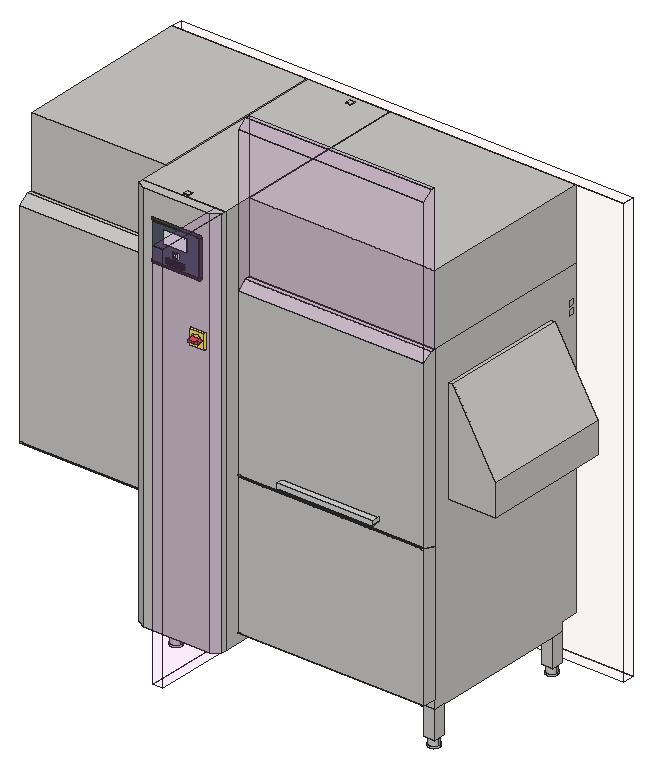
Revit family "QF_ELECTROLUX PROFESSIONAL_CC0ECF_ESR10E6D", category Attrezzature speciali, Revit 2020
Family settings
  Quota connettore circolare = Usa diametro
  Tipo di parte = Normale
  Basato su piano di lavoro = No
  Sempre verticale = Sì
  Taglio con vuoti quando caricato = No
  Condiviso = No
  Punto di calcolo locali = No
Parameters
  Weight = 0.00 kg
  URL Manufacturer = "http://professional.electrolux.com/"
  URL = "http://professional.electrolux.com/"
  Show Logo [instance] = yes
  Show Clearance [instance] = yes
  Prospetto di default = 0 mm
  Produttore = "Zanussi"
  Modello = "ZPPWSLG"
  Length Actual = 1880 mm
  Item Number = "506057"
  Height Actual = 1785 mm
  Descrizione = "STEAM ELEC.POT&PAN WASH+D.PUMP+DET1550MM"
  Depth Actual = 920 mm
  Accessory = yes
Reference planes
  plane 1 "Center (Front/Back)": y = 50
  plane 2: z = 0
  plane 3 "LEFT": x = -776
  plane 4 "RIGHT": x = 1104
  plane 5 "BACK": y = 450
  plane 6: z = 2095
  plane 7: z = 1785
  plane 8: through (0, 318, 353) normal (0, 0.7071, -0.7071)
  plane 9: through (0, 318, 373) normal (0, -0.7071, -0.7071)
  plane 10: x = 904
  plane 11: z = 1340
  plane 12: z = 906
  plane 13: y = 315
  plane 14: y = -215
  plane 15: through (4, 405, 4000) normal (-0.7071, -0.7071, 0)
  plane 16: through (-16, 405, 4000) normal (-0.7071, 0.7071, 0)
  plane 17: through (-33.384, -392.09, 4000) normal (-0.7071, -0.7071, 0)
  plane 18: through (-53.384, -392.09, 4000) normal (-0.7071, 0.7071, 0)
  plane 19: z = 1375
  plane 20: x = -427.768
  plane 21: x = 261
  plane 22: z = 187
  plane 23: y = -728
Forms (mm)
  Extrusion 1, solid, material "QF_Finishes_Clearance", visible <- "Show Clearance"
    sketch origin (0, 0, 0) x (1, 0, 0) y (0, 1, 0)
      loop
        line (-776, 450) -> (1104, 450) -> (1104, 500) -> (-776, 500) -> (-776, 450)
    from 0 to 1785
  Extrusion 2, solid, material "QF_Finishes_Stainless Steel"
    sketch origin (-1529.927, 822.464, 559.355) x (1, 0, 0) y (0, 1, 0)
      loop
        circle (1102.159, -772.464) r 25
    from -9.383 to 5.617
  Extrusion 3, solid, material "QF_Finishes_Door Clearance", visible <- "Show Clearance"
    sketch origin (454, 66.742, 602) x (0, 1, 0) y (0, 0, 1)
      loop
        line (-351.742, 1493) -> (-368.817, 1493) -> (-408.742, 1463.413) -> (-408.742, 861.413) -> (-368.817, 891) -> (-351.742, 891) -> (-351.742, 1493)
    from -320 to 450
  Extrusion 4, solid, material "QF_Finishes_Stainless Steel"
    sketch origin (0, 50, 0) x (1, 0, 0) y (0, 0, 1)
      loop
        line (904, 1340) -> (904, 906) -> (1104, 906) -> (1104, 1036) -> (924, 1340) -> (904, 1340)
    from -265 to 265
  Extrusion 5, solid, material "QF_Finishes_Stainless Steel"
    sketch origin (-221.385, -722.464, 1289.159) x (0, 0, -1) y (0, 1, 0)
      loop
        circle (1102.159, 772.464) r 10
    from -9.383 to 5.617
  Extrusion 6, solid, material "QF_Finishes_Stainless Steel"
    sketch origin (-841.159, 742.464, 144.383) x (1, 0, 0) y (0, 1, 0)
      loop
        circle (1102.159, -772.464) r 25
    from -9.383 to 5.617
  Extrusion 7, solid, material "QF_Finishes_Stainless Steel"
    sketch origin (-215.768, -23.023, -230.596) x (0, 0, 1) y (0, 1, 0)
      loop
        line (407.596, 163.023) -> (427.596, 163.023) -> (427.596, 183.023) -> (407.596, 183.023) -> (407.596, 163.023)
    from 0 to 2
  Extrusion 8, solid, material "QF_Finishes_Stainless Steel"
    sketch origin (-423.596, 241.977, 148) x (0, -1, 0) y (1, 0, 0)
      loop
        line (-163.023, 407.596) -> (-163.023, 427.596) -> (-183.023, 427.596) -> (-183.023, 407.596) -> (-163.023, 407.596)
    from 0 to 2
  Extrusion 9, solid, material "QF_Finishes_Stainless Steel"
    sketch origin (-423.596, 241.977, 1785) x (0, -1, 0) y (1, 0, 0)
      loop
        line (-163.023, 407.596) -> (-163.023, 427.596) -> (-183.023, 427.596) -> (-183.023, 407.596) -> (-163.023, 407.596)
    from 0 to 2
  Extrusion 10, solid, material "QF_Finishes_Stainless Steel"
    sketch origin (-460.979, -555.114, 1785) x (0, -1, 0) y (1, 0, 0)
      loop
        line (-163.023, 407.596) -> (-163.023, 427.596) -> (-183.023, 427.596) -> (-183.023, 407.596) -> (-163.023, 407.596)
    from 0 to 2
  Extrusion 11, solid, material "QF_Finishes_Stainless Steel"
    sketch origin (906, 249.977, 940.404) x (0, 0, 1) y (0, 1, 0)
      loop
        line (407.596, 163.023) -> (427.596, 163.023) -> (427.596, 183.023) -> (407.596, 183.023) -> (407.596, 163.023)
    from 0 to 2
  Extrusion 12, solid, material "QF_Finishes_Stainless Steel"
    sketch origin (906, 249.977, 905.404) x (0, 0, 1) y (0, 1, 0)
      loop
        line (407.596, 163.023) -> (427.596, 163.023) -> (427.596, 183.023) -> (407.596, 183.023) -> (407.596, 163.023)
    from 0 to 2
  Extrusion 13, solid, material "QF_Finishes_Door Clearance", visible <- "Show Clearance"
    sketch origin (0, 0, 0) x (1, 0, 0) y (0, 1, 0)
      loop
        line (129, -402.09) -> (86, -402.09) -> (86, -728) -> (129, -728) -> (129, -402.09)
    from 150 to 1785
Dimensions and locks
  plane 6 to level = 2095 mm
  plane 7 to level = 1785 mm
  plane 3 "LEFT" to plane 4 "RIGHT" = 1880 mm
  plane 4 "RIGHT" to plane 3 "LEFT" = 1880 mm
  plane 4 "RIGHT" to plane 10 = 200 mm
  plane 11 to Extrusion 1 = 1340 mm
  plane 12 to level = 906 mm
  Extrusion 1 to plane 13 = 135 mm
  plane 13 to plane 14 = 530 mm
  plane 6 to Extrusion 1 = 2095 mm
  nested 3 to Extrusion 1 = 150 mm
  plane 19 to level = 1375 mm
  nested 3 to nested 8 = 560 mm
  nested 4 to nested 3 = 344.768 mm
  plane 10 to nested 4 = 775 mm
  plane 10 to plane 3 "LEFT" = 1680 mm
  plane 10 to plane 21 to plane 20 to Extrusion 1 = 643 mm, 688.768 mm, 348.232 mm
  plane 22 to Extrusion 1 = 187 mm
  plane 10 to plane 4 "RIGHT" = 200 mm
  plane 5 "BACK" to nested 3 = 894.999 mm
  plane 5 "BACK" to plane 23 = 1178 mm
  aligned and locked: level to plane 2
Nested families
  nested 1: "Piedino_Square_150H" at (880.5, 354.5, 0), type "Piedino_Square_150H"
  nested 2: "Piedino_Square_150H" at (-192.267, 354.5, 0), type "Piedino_Square_150H"
  nested 3: "MODULO_CENTRALE - 345" at (-274.438, 799.242, 0), type "MODULO_CENTRALE - 345"
    with Show Right yes, Show Logo yes, Show Left no, Show Clearance yes
  nested 4: "MODULO_GRANDE - 775" at (514.563, 61.742, 0), type "MODULO_GRANDE - 775"
    with Show Logo yes, Show Clearance yes
  nested 5: "Schermo_Touch" at (-41.211, -444.999, 1606.921) x (1, 0, 0) z (0, -1, 0), type "Schermo_Touch"
  nested 6: "ELX_LOGO_MONO_SMALL_WHITE" at (-51.419, -449.999, 1533.987) x (-1, 0, 0) z (0, -1, 0), visible <- "Show Logo", Show Logo <- "Show Logo", type "ELX_LOGO_MONO_SMALL_WHITE"
    with Show Logo yes
  nested 7: "ELX_LOGO_WORDS_WHITE" at (-41.499, -449.999, 1553.42) x (1, 0, 0) z (0, -1, 0), visible <- "Show Logo", Show Logo <- "Show Logo", type "ELX_LOGO_WORDS_WHITE"
    with Show Logo yes
  nested 8: "MODULO_560" at (-390.205, 61.742, 0), type "MODULO_560"
    with Show Logo yes, Show Clearance yes
  nested 9: "Piedino_Square_150H" at (880.5, -258.5, 0), type "Piedino_Square_150H"
  nested 10: "Piedino_Square_150H" at (-192.267, -258.5, 0), type "Piedino_Square_150H"
Connectors
  piping at (-427.768, 50, 549.972), diameter 50
    settings: on Extrusion 2, index 159, connector inside diameter 609.6 mm, connector length 0 mm, flow factor 0, pipe flow 0.0 L/s, pressure drop 0.0 Pa, fitting loss kfactor 0, connector angle 0.00°, fixture units 0, engagement length 0 mm, angle of deflection 0.00°, flow configuration 0, flow direction 0, fitting loss method 0, system type 29, joint type 0, gender type 0, connector reference index -1, connector utility 0, adjustable connector no, is connector primary yes, connector description "D"
  piping at (-230.768, 50, 187), diameter 12.9
    settings: on Extrusion 5, index 166, connector inside diameter 609.6 mm, connector length 0 mm, flow factor 0, pipe flow 0.0 L/s, pressure drop 0.0 Pa, fitting loss kfactor 0, connector angle 0.00°, fixture units 0, engagement length 0 mm, angle of deflection 0.00°, flow configuration 0, flow direction 0, fitting loss method 0, system type 29, joint type 0, gender type 0, connector reference index -1, connector utility 0, adjustable connector no, is connector primary no, connector description "HWI"
  piping at (261, -30, 135), diameter 50
    settings: on Extrusion 6, index 170, connector inside diameter 609.6 mm, connector length 0 mm, flow factor 0, pipe flow 0.0 L/s, pressure drop 0.0 Pa, fitting loss kfactor 0, connector angle 0.00°, fixture units 0, engagement length 0 mm, angle of deflection 0.00°, flow configuration 0, flow direction 0, fitting loss method 0, system type 29, joint type 0, gender type 0, connector reference index -1, connector utility 0, adjustable connector no, is connector primary no, connector description "D"
  electrical at (-215.768, 150, 187)
    settings: on Extrusion 7, index 173, voltage 0 V, apparent load 0 VA, apparent load phase1 0 VA, apparent load phase2 0 VA, apparent load phase3 0 VA, power factor 1, load classification "Altro", number of poles 1, system type 30, power factor state 1, is connector primary yes, connector utility no, sub classification motor no, connector description "ES"
  electrical at (-6, 415, 148)
    settings: on Extrusion 8, index 175, voltage 0 V, apparent load 0 VA, apparent load phase1 0 VA, apparent load phase2 0 VA, apparent load phase3 0 VA, power factor 1, load classification "Altro", number of poles 1, system type 30, power factor state 1, is connector primary no, connector utility no, sub classification motor no, connector description "EI"
  electrical at (-6, 415, 148)
    settings: on Extrusion 8, index 176, voltage 0 V, apparent load 0 VA, apparent load phase1 0 VA, apparent load phase2 0 VA, apparent load phase3 0 VA, power factor 1, load classification "Altro", number of poles 1, system type 30, power factor state 1, is connector primary no, connector utility no, sub classification motor no, connector description "EI"
  electrical at (-6, 415, 1785)
    settings: on Extrusion 9, index 178, voltage 0 V, apparent load 0 VA, apparent load phase1 0 VA, apparent load phase2 0 VA, apparent load phase3 0 VA, power factor 1, load classification "Altro", number of poles 1, system type 30, power factor state 1, is connector primary no, connector utility no, sub classification motor no, connector description "EI"
  electrical at (-43.384, -382.09, 1785)
    settings: on Extrusion 10, index 181, voltage 0 V, apparent load 0 VA, apparent load phase1 0 VA, apparent load phase2 0 VA, apparent load phase3 0 VA, power factor 1, load classification "Altro", number of poles 1, system type 30, power factor state 1, is connector primary no, connector utility no, sub classification motor no, connector description "EI"
  electrical at (906, 423, 1358)
    settings: on Extrusion 11, index 182, voltage 0 V, apparent load 0 VA, apparent load phase1 0 VA, apparent load phase2 0 VA, apparent load phase3 0 VA, power factor 1, load classification "Altro", number of poles 1, system type 30, power factor state 1, is connector primary no, connector utility no, sub classification motor no, connector description "EO"
  electrical at (906, 423, 1323)
    settings: on Extrusion 12, index 185, voltage 0 V, apparent load 0 VA, apparent load phase1 0 VA, apparent load phase2 0 VA, apparent load phase3 0 VA, power factor 1, load classification "Altro", number of poles 1, system type 30, power factor state 1, is connector primary no, connector utility no, sub classification motor no, connector description "ES"
Definition of nested family "Piedino_Square_150H"
  Parameters (values of type "Piedino_Square_150H")
    Default Elevation = 0 mm
  Reference planes
    plane 1 "Centro (Fronte/Retro)": y = 0
    plane 2: z = 0
    plane 3 "Centro (Sinistra/Destra)": x = 0
    plane 4: z = 150
  Forms (mm)
    Extrusion 1, solid
      sketch origin (0, 0, 0) x (1, 0, 0) y (0, 1, 0)
        loop
          circle (0, 0) r 23
      from 0 to 5
    Extrusion 2, solid
      sketch origin (0, 0, 5) x (1, 0, 0) y (0, 1, 0)
        loop
          circle (0, 0) r 20
      from 0 to 29.114
    Extrusion 3, solid
      sketch origin (0, 0, 34.114) x (1, 0, 0) y (0, 1, 0)
        loop
          line (-23.5, 23.5) -> (-23.5, -23.5) -> (23.5, -23.5) -> (23.5, 23.5) -> (-23.5, 23.5)
      from 0 to 115.886
  Dimensions and locks
    plane 4 to level = 150 mm
    radius of Extrusion 1 sketch curve = 23 mm
    aligned and locked: level to plane 2
    aligned and locked: Extrusion 1 to level
Definition of nested family "MODULO_CENTRALE - 345"
  Parameters (values of type "MODULO_CENTRALE - 345")
    Show Right [instance] = not(Show Left)  # yes
    Show Logo [instance] = yes
    Show Left [instance] = no
    Show Clearance [instance] = yes
    Default Elevation = 0 mm
  Reference planes
    plane 1: z = 0
    plane 2 "LEFT": x = 58.67
    plane 3 "BACK": y = -349.242
    plane 4: z = 150
    plane 5: x = 403.437
    plane 6: y = -1244.241
  Forms (mm)
    Extrusion 1, solid
      sketch origin (-163.616, -620, 0) x (1, 0, 0) y (0, 1, 0)
        loop
          line (222.287, 270.758) -> (222.287, -581.332) -> (567.054, -581.332) -> (567.054, 270.758) -> (222.287, 270.758)
      from 150 to 1785
    Extrusion 2, solid
      sketch origin (0, -740.199, 0) x (1, 0, 0) y (0, 1, 0)
        loop
          line (95.323, -504.042) -> (371.13, -504.042) -> (371.973, -503.729) -> (402.789, -480.925) -> (403.437, -479.639) -> (403.437, -461.133) -> (58.67, -461.133) -> (58.67, -479.639) -> (59.318, -480.925) -> (95.323, -504.042)
      from 150 to 1785
  Dimensions and locks
    plane 4 to level = 150 mm
    Extrusion 2 to plane 3 "BACK" = 895 mm
    Extrusion 1 to Extrusion 1 = 1635 mm
    plane 5 to plane 2 "LEFT" = 344.767 mm
    aligned and locked: level to plane 1
  Nested families
    nested 1: "ON_OFF_GIALLO" at (322.917, -1244.241, 1304.8) x (-1, 0, 0) z (0, -1, 0), visible <- "Show Right", type "ON_OFF_GIALLO"
    nested 2: "ON_OFF_GIALLO" at (139.188, -1244.241, 1304.8) x (1, 0, 0) z (0, -1, 0), visible <- "Show Left", type "ON_OFF_GIALLO"
  Definition of nested family "ON_OFF_GIALLO"
    Parameters
      Default Elevation = 1219.2 mm
    Reference planes
      plane 1 "Centro (Fronte/Retro)": y = 0
      plane 2: z = 0
      plane 3 "Centro (Sinistra/Destra)": x = 0
    Forms (mm)
      Extrusion 1, solid
        sketch origin (0, 0, 0) x (1, 0, 0) y (0, 1, 0)
          loop
            line (-1219.2, 1219.2) -> (-1219.2, -1219.2) -> (1219.2, -1219.2) -> (1219.2, 1219.2) -> (-1219.2, 1219.2)
        from 0 to -304.8
      Blend 2, solid
        base sketch origin (209.903, -1304.8, -0.8) x (-1, 0, 0) y (0, -1, 0)
          loop
            arc (241.024, -1337.8) -> (242.365, -1337.262) -> (242.903, -1335.921) r 1.838
            line (242.903, -1335.921) -> (242.903, -1273.679)
            arc (242.903, -1273.679) -> (242.365, -1272.338) -> (241.024, -1271.8) r 1.838
            line (241.024, -1271.8) -> (178.782, -1271.8)
            arc (178.782, -1271.8) -> (177.441, -1272.338) -> (176.903, -1273.679) r 1.838
            line (176.903, -1273.679) -> (176.903, -1335.921)
            arc (176.903, -1335.921) -> (177.441, -1337.262) -> (178.782, -1337.8) r 1.838
            line (178.782, -1337.8) -> (241.024, -1337.8)
        top sketch origin (209.903, -1304.8, -0.8) x (-1, 0, 0) y (0, -1, 0)
          loop
            line (238.946, -1275.8) -> (180.86, -1275.8) -> (180.86, -1333.8) -> (238.946, -1333.8) -> (238.946, -1275.8)
        from 0.8 to 10.3
      Blend 3, solid
        base sketch origin (209.903, -1304.8, 10.2) x (-1, 0, 0) y (0, -1, 0)
          loop
            arc (224.427, -1310.95) -> (230.577, -1304.8) -> (224.427, -1298.65) r 6.15
            line (224.427, -1298.65) -> (195.379, -1298.65)
            arc (195.379, -1298.65) -> (189.229, -1304.8) -> (195.379, -1310.95) r 6.15
            line (195.379, -1310.95) -> (224.427, -1310.95)
        top sketch origin (209.903, -1304.8, 10.2) x (-1, 0, 0) y (0, -1, 0)
          loop
            arc (195.379, -1300.65) -> (191.229, -1304.8) -> (195.379, -1308.95) r 4.15
            line (195.379, -1308.95) -> (224.427, -1308.95)
            arc (224.427, -1308.95) -> (228.577, -1304.8) -> (224.427, -1300.65) r 4.15
            line (224.427, -1300.65) -> (195.379, -1300.65)
        from -2 to 23
      Extrusion 4, void
        sketch origin (-143.534, -1304.8, -504.042) x (1, 0, 0) y (0, 0, -1)
          loop
            line (117.69, -537.242) -> (135.678, -537.242) -> (132.541, -536.135) -> (117.69, -524.167) -> (117.69, -537.242)
        from 1298.65 to 1310.95
      Extrusion 5, void
        sketch origin (209.903, -1304.8, 9.5) x (0, -1, 0) y (-1, 0, 0)
          loop
            circle (-1304.8, 209.903) r 21
        from 0 to 2
    Cuts and joins
      Extrusion 4 cuts Blend 3
      Extrusion 5 cuts Blend 2
    Dimensions and locks
      aligned and locked: plane 2 to Extrusion 1
      aligned and locked: level to Extrusion 1
Definition of nested family "MODULO_GRANDE - 775"
  Parameters (values of type "MODULO_GRANDE - 775")
    URL = "http://professional.electrolux.com"
    Show Logo [instance] = yes
    Default Elevation = 0 mm
    Manufacturer = "Electrolux"
    Model = "ESR10E5"
    Length Actual = 0 mm
    Show Clearance [instance] = yes
    Height Actual = 0 mm
    Description = "SINGLE RINSE RT, 100R/H, ELECTRIC 50HZ"
    Depth Actual = 0 mm
  Reference planes
    plane 1: z = 0
    plane 2 "LEFT": x = -385.563
    plane 3 "RIGHT": x = 389.437
    plane 4 "BACK": y = 388.258
    plane 5 "FEET": z = 150
    plane 6: z = 2095
    plane 7 "TOP": z = 1785
  Forms (mm)
    Extrusion 1, solid
      sketch origin (-727.563, 442.565, 4000) x (0, 1, 0) y (0, 0, 1)
        loop
          line (-54.307, -2507) -> (-786.307, -2507) -> (-786.307, -3850) -> (-126.307, -3850) -> (-126.307, -3812) -> (-54.307, -3812) -> (-54.307, -2507)
      from 1117 to 342
    Extrusion 2, solid
      sketch origin (105, 0, 0) x (1, 0, 0) y (0, 1, 0)
        loop
          line (-490.563, 388.258) -> (-490.563, -343.742) -> (284.437, -343.742) -> (284.437, 388.258) -> (-490.563, 388.258)
      from 1493 to 1785
  Dimensions and locks
    plane 2 "LEFT" to plane 3 "RIGHT" = 775 mm
    plane 5 "FEET" to level = 150 mm
    plane 5 "FEET" to plane 7 "TOP" = 1635 mm
    plane 3 "RIGHT" to plane 2 "LEFT" = 775 mm
    plane 4 "BACK" to Extrusion 2 = 732 mm
    aligned and locked: level to plane 1
  Nested families
    nested 1: "Door_30''_DISHWASHING - 775" at (-457, 5, 0), type "Door_30''_DISHWASHING - 775"
      with Show Clearance yes
  Definition of nested family "Door_30''_DISHWASHING - 775"
    Parameters (values of type "Door_30''_DISHWASHING - 775")
      Show Clearance [instance] = yes
      Default Elevation = 0 mm
    Reference planes
      plane 1: z = 0
      plane 2 "Center Y": x = 458.937
      plane 3 "LEFT": x = 71.437
      plane 4 "RIGHT": x = 846.437
      plane 5 "FRONT": y = -408.742
      plane 6: z = 150
      plane 7: y = -348.742
    Forms (mm)
      Extrusion 1, solid
        sketch origin (884.437, -408.742, 1493) x (0, 0, -1) y (1, 0, 0)
          loop
            line (666, -625.5) -> (681, -625.5)
            arc (681, -625.5) -> (684.536, -624.036) -> (686, -620.5) r 5
            line (686, -620.5) -> (686, -230.5)
            arc (686, -230.5) -> (684.536, -226.964) -> (681, -225.5) r 5
            line (681, -225.5) -> (666, -225.5) -> (666, -625.5)
        from 0 to 30
      Extrusion 2, solid
        sketch origin (458.937, 0, 0) x (0, 1, 0) y (0, 0, 1)
          loop
            line (-348.742, 188) -> (-348.742, 758.131) -> (-405.595, 774.035)
            arc (-405.595, 774.035) -> (-407.764, 773.603) -> (-408.742, 771.62) r 2.5
            line (-408.742, 771.62) -> (-408.742, 190.5)
            arc (-408.742, 190.5) -> (-408.01, 188.732) -> (-406.242, 188) r 2.5
            line (-406.242, 188) -> (-348.742, 188)
        from -387.5 to 387.5
      Extrusion 3, solid
        sketch origin (458.937, 0, 0) x (0, 1, 0) y (0, 0, 1)
          loop
            line (-351.742, 1493) -> (-368.817, 1493) -> (-408.742, 1463.413) -> (-408.742, 778.225)
            arc (-408.742, 778.225) -> (-408.225, 776.703) -> (-406.889, 775.81) r 2.5
            line (-406.889, 775.81) -> (-354.889, 761.206)
            arc (-354.889, 761.206) -> (-352.72, 761.638) -> (-351.742, 763.621) r 2.5
            line (-351.742, 763.621) -> (-351.742, 1493)
        from -387.5 to 387.5
    Lines and regions (mm)
      symbolic lines
        curve 1: line (76.437, -408.742, 1785) -> (76.437, -348.742, 1785)
        curve 2: line (841.437, -408.742, 1785) -> (76.437, -408.742, 1785)
        curve 3: line (841.437, -348.742, 1785) -> (841.437, -408.742, 1785)
        curve 4: line (258.937, -438.742, 1785) -> (258.937, -408.742, 1785)
        curve 5: line (658.937, -438.742, 1785) -> (258.937, -438.742, 1785)
        curve 6: line (658.937, -408.742, 1785) -> (658.937, -438.742, 1785)
    Dimensions and locks
      plane 3 "LEFT" to plane 4 "RIGHT" = 775 mm
      plane 6 to level = 150 mm
      equal spacing: plane 3 "LEFT", plane 2 "Center Y", plane 4 "RIGHT"
      plane 4 "RIGHT" to plane 3 "LEFT" = 775 mm
      aligned and locked: level to plane 1
      aligned and locked: Extrusion 3 to Extrusion 2
    Automatic sketch dimensions
      Extrusion 1 sketch curve to plane 2 "Center Y" = 200 mm
      plane 6 to Extrusion 1 sketch curve = 677 mm
      Extrusion 1 sketch curve to Extrusion 1 sketch curve = 15 mm  (x2)
      Extrusion 1 sketch curve to Extrusion 1 sketch curve = 5 mm
      plane 2 "Center Y" to Extrusion 1 sketch curve = 195 mm
      Extrusion 2 sketch curve to plane 5 "FRONT" = 0 mm
      Extrusion 2 sketch curve to plane 7 = 0 mm
      plane 5 "FRONT" to Extrusion 2 sketch curve = 2.5 mm
      Extrusion 2 sketch curve to Extrusion 2 sketch curve = 2.5 mm
      Extrusion 2 sketch curve to Extrusion 2 sketch curve = 0.647 mm
      plane 6 to Extrusion 2 sketch curve = 38 mm
      Extrusion 2 sketch curve to Extrusion 2 sketch curve = 570.131 mm
      Extrusion 2 sketch curve to Extrusion 2 sketch curve = 13.489 mm
      Extrusion 3 sketch curve to plane 5 "FRONT" = 0 mm
      plane 5 "FRONT" to Extrusion 3 sketch curve = 1.853 mm
      Extrusion 3 sketch curve to Extrusion 3 sketch curve = 0.647 mm  (x2)
      Extrusion 3 sketch curve to plane 7 = 20.076 mm
      Extrusion 3 sketch curve to plane 7 = 6.147 mm
      Extrusion 3 sketch curve to plane 7 = 3 mm
      plane 6 to Extrusion 3 sketch curve = 611.206 mm
      Extrusion 3 sketch curve to Extrusion 3 sketch curve = 14.603 mm
      Extrusion 3 sketch curve to Extrusion 3 sketch curve = 685.188 mm
      Extrusion 3 sketch curve to Extrusion 3 sketch curve = 29.587 mm
      curve 1 to plane 7 = 0 mm
      curve 3 to plane 7 = 0 mm
      curve 2 to plane 5 "FRONT" = 0 mm
      curve 5 to plane 5 "FRONT" = 30 mm
      plane 3 "LEFT" to curve 2 = 5 mm
      curve 5 to plane 2 "Center Y" = 200 mm
      plane 2 "Center Y" to curve 5 = 200 mm
      curve 2 to plane 4 "RIGHT" = 5 mm
Definition of nested family "Schermo_Touch"
  Parameters
    Default Elevation = 1219.2 mm
  Reference planes
    plane 1 "Centro (Fronte/Retro)": y = 0
    plane 2: z = 0
    plane 3 "Centro (Sinistra/Destra)": x = 0
  Forms (mm)
    Extrusion 1, solid
      sketch origin (0, 0, 0) x (1, 0, 0) y (0, 1, 0)
        loop
          line (-1219.2, 1219.2) -> (-1219.2, -1219.2) -> (1219.2, -1219.2) -> (1219.2, 1219.2) -> (-1219.2, 1219.2)
      from 0 to -304.8
    Blend 2, solid
      base sketch origin (83.616, -1536.893, -0.8) x (-1, 0, 0) y (0, -1, 0)
        loop
          arc (188.986, -1463.393) -> (185.448, -1454.853) -> (176.907, -1451.315) r 12.079
          line (176.907, -1451.315) -> (-9.093, -1451.315)
          arc (-9.093, -1451.315) -> (-17.633, -1454.853) -> (-21.171, -1463.393) r 12.079
          line (-21.171, -1463.393) -> (-21.171, -1610.393)
          arc (-21.171, -1610.393) -> (-17.633, -1618.934) -> (-9.093, -1622.472) r 12.079
          line (-9.093, -1622.472) -> (176.907, -1622.472)
          arc (176.907, -1622.472) -> (185.448, -1618.934) -> (188.986, -1610.393) r 12.079
          line (188.986, -1610.393) -> (188.986, -1463.393)
      top sketch origin (83.616, -1536.893, -0.8) x (-1, 0, 0) y (0, -1, 0)
        loop
          arc (178.486, -1463.393) -> (178.024, -1462.277) -> (176.907, -1461.815) r 1.579
          line (176.907, -1461.815) -> (-9.093, -1461.815)
          arc (-9.093, -1461.815) -> (-10.209, -1462.277) -> (-10.671, -1463.393) r 1.579
          line (-10.671, -1463.393) -> (-10.671, -1610.393)
          arc (-10.671, -1610.393) -> (-10.209, -1611.51) -> (-9.093, -1611.972) r 1.579
          line (-9.093, -1611.972) -> (176.907, -1611.972)
          arc (176.907, -1611.972) -> (178.024, -1611.51) -> (178.486, -1610.393) r 1.579
          line (178.486, -1610.393) -> (178.486, -1463.393)
      from 0.8 to 5.36
    Extrusion 3, solid
      sketch origin (0, 0, 0) x (1, 0, 0) y (0, 1, 0)
        loop
          line (-47.806, 54.623) -> (-47.806, 2.273) -> (47.108, 2.273) -> (47.108, 54.623) -> (-47.806, 54.623)
      from 5 to 5.552
    Extrusion 4, solid
      sketch origin (0, 0, 0) x (1, 0, 0) y (0, 1, 0)
        loop
          arc (-94.87, -73.579) -> (-94.43, -74.639) -> (-93.37, -75.079) r 1.5
          line (-93.37, -75.079) -> (92.793, -75.079)
          arc (92.793, -75.079) -> (93.853, -74.639) -> (94.293, -73.579) r 1.5
          line (94.293, -73.579) -> (94.293, 73.579)
          arc (94.293, 73.579) -> (93.853, 74.639) -> (92.793, 75.079) r 1.5
          line (92.793, 75.079) -> (-93.37, 75.079)
          arc (-93.37, 75.079) -> (-94.43, 74.639) -> (-94.87, 73.579) r 1.5
          line (-94.87, 73.579) -> (-94.87, -73.579)
      from 4.56 to 5
  Dimensions and locks
    aligned and locked: plane 2 to Extrusion 1
    aligned and locked: level to Extrusion 1
Definition of nested family "ELX_LOGO_MONO_SMALL_WHITE"
  Parameters (values of type "ELX_LOGO_MONO_SMALL_WHITE")
    Show Logo [instance] = yes
    Default Elevation = 1219.2 mm
  Reference planes
    plane 1 "Center (Front/Back)": y = -49
    plane 2: z = 0
    plane 3 "Center (Left/Right)": x = -9.92
  Forms (mm)
    Extrusion 1, solid
      sketch origin (0, 0, 0) x (1, 0, 0) y (0, 1, 0)
        loop
          line (-1219.2, 1219.2) -> (-1219.2, -1219.2) -> (1219.2, -1219.2) -> (1219.2, 1219.2) -> (-1219.2, 1219.2)
      from 0 to -304.8
    Extrusion 2, solid, visible <- "Show Logo"
      sketch origin (84.462, 509.781, 0) x (1, 0, 0) y (0, 1, 0)
        loop
          line (-97.736, -569.727) -> (-97.736, -547.891)
          arc (-97.736, -547.891) -> (-105.808, -558.809) -> (-97.736, -569.727) r 11.42
        loop
          arc (-96.625, -569.727) -> (-87.544, -567.663) -> (-83.169, -559.442) r 11.191
          line (-83.169, -559.442) -> (-86.782, -559.442)
          arc (-86.782, -559.442) -> (-93.235, -562.062) -> (-96.625, -568.146) r 10.49
          line (-96.625, -568.146) -> (-96.625, -569.727)
        loop
          arc (-96.625, -549.472) -> (-93.235, -555.557) -> (-86.782, -558.176) r 10.49
          line (-86.782, -558.176) -> (-83.169, -558.176)
          arc (-83.169, -558.176) -> (-87.537, -549.888) -> (-96.625, -547.611) r 11.484
          line (-96.625, -547.611) -> (-96.625, -549.472)
        loop
          line (-82.34, -570.919) -> (-82.34, -546.65) -> (-106.642, -546.65) -> (-106.642, -570.919) -> (-82.34, -570.919)
      from 0 to 1.644
  Dimensions and locks
    aligned and locked: plane 2 to Extrusion 1
    aligned and locked: level to Extrusion 1
Definition of nested family "ELX_LOGO_WORDS_WHITE"
  Parameters (values of type "ELX_LOGO_WORDS_WHITE")
    Show Logo [instance] = yes
    Default Elevation = 0 mm
  Reference planes
    plane 1 "Centro (Fronte/Retro)": y = 0
    plane 2: z = 0
    plane 3 "Centro (Sinistra/Destra)": x = 0
  Forms (mm)
    Extrusion 1, solid
      sketch origin (0, 0, 0) x (1, 0, 0) y (0, 1, 0)
        loop
          line (-1219.2, 1219.2) -> (-1219.2, -1219.2) -> (1219.2, -1219.2) -> (1219.2, 1219.2) -> (-1219.2, 1219.2)
      from 0 to -304.8
    Extrusion 2, solid, visible <- "Show Logo"
      sketch origin (0, 0, 0) x (1, 0, 0) y (0, 1, 0)
        loop
          line (-30.234, 10.561) -> (-37.67, 10.561) -> (-37.67, 1.902)
          arc (-37.67, 1.902) -> (-36.691, -0.461) -> (-34.329, -1.439) r 3.341
          line (-34.329, -1.439) -> (-30.09, -1.439) -> (-30.09, 0.503) -> (-33.845, 0.503)
          arc (-33.845, 0.503) -> (-35.079, 0.92) -> (-35.604, 2.112) r 1.615
          line (-35.604, 2.112) -> (-35.604, 3.829) -> (-30.555, 3.829) -> (-30.555, 5.779) -> (-35.604, 5.779) -> (-35.604, 8.617) -> (-30.234, 8.617) -> (-30.234, 10.561)
        loop
          line (-28.622, 10.561) -> (-28.622, -1.439) -> (-26.555, -1.439) -> (-26.555, 10.561) -> (-28.622, 10.561)
        loop
          line (16.27, 10.561) -> (16.27, -1.439) -> (18.338, -1.439) -> (18.338, 10.561) -> (16.27, 10.561)
        loop
          line (-23.137, 2.393) -> (-16.354, 2.393)
          arc (-16.354, 2.393) -> (-17.415, 6.119) -> (-21.043, 7.478) r 4.298
          arc (-21.043, 7.478) -> (-24.239, 5.857) -> (-25.151, 2.393) r 4.373
          arc (-25.151, 2.393) -> (-23.951, -0.505) -> (-21.053, -1.705) r 4.097
          arc (-21.053, -1.705) -> (-18.799, -1.372) -> (-16.908, -0.099) r 5.15
          line (-16.908, -0.099) -> (-18.133, 1.125)
          arc (-18.133, 1.125) -> (-19.74, 0.161) -> (-21.607, 0.323) r 3.039
          arc (-21.607, 0.323) -> (-22.746, 1.081) -> (-23.137, 2.393) r 2.013
        loop
          line (-23.085, 3.846) -> (-18.431, 3.846)
          arc (-18.431, 3.846) -> (-19.084, 5.22) -> (-20.519, 5.727) r 1.983
          arc (-20.519, 5.727) -> (-22.175, 5.295) -> (-23.085, 3.846) r 2.321
        loop
          line (-8.297, 4.711) -> (-6.999, 6.009)
          arc (-6.999, 6.009) -> (-8.627, 7.187) -> (-10.604, 7.539) r 4.497
          arc (-10.604, 7.539) -> (-13.621, 6.437) -> (-15.204, 3.642) r 4.652
          arc (-15.204, 3.642) -> (-12.536, -1.257) -> (-7.072, -0.127) r 4.684
          line (-7.072, -0.127) -> (-8.363, 1.163)
          arc (-8.363, 1.163) -> (-11.149, 0.242) -> (-13.145, 2.393) r 2.714
          arc (-13.145, 2.393) -> (-13.006, 4.094) -> (-11.835, 5.335) r 2.578
          arc (-11.835, 5.335) -> (-9.96, 5.621) -> (-8.297, 4.711) r 2.961
        loop
          line (-5.73, 10.561) -> (-5.73, 2.36)
          arc (-5.73, 2.36) -> (-5.551, 1.13) -> (-5.09, -0.025) r 5.301
          arc (-5.09, -0.025) -> (-3.615, -1.198) -> (-1.746, -1.445) r 3.531
          line (-1.746, -1.445) -> (-1.746, 0.492)
          arc (-1.746, 0.492) -> (-2.302, 0.534) -> (-2.82, 0.74) r 1.862
          arc (-2.82, 0.74) -> (-3.484, 1.442) -> (-3.662, 2.393) r 1.713
          line (-3.662, 2.393) -> (-3.662, 5.362) -> (-1.785, 5.362) -> (-1.785, 7.24) -> (-3.662, 7.24) -> (-3.662, 10.561) -> (-5.73, 10.561)
        loop
          arc (2.004, 3.123) -> (2.152, 3.988) -> (2.578, 4.755) r 2.607
          arc (2.578, 4.755) -> (3.817, 5.391) -> (5.208, 5.362) r 2.84
          line (5.208, 5.362) -> (5.208, 7.349)
          arc (5.208, 7.349) -> (3.39, 7.177) -> (2.004, 5.989) r 3.016
          line (2.004, 5.989) -> (2.004, 7.24) -> (-0.046, 7.24) -> (-0.046, -1.439) -> (2.004, -1.439) -> (2.004, 3.123)
        loop
          circle (10.262, 2.899) r 4.599
        loop
          circle (10.262, 2.899) r 2.787
        loop
          arc (25.793, 2.175) -> (25.283, 0.772) -> (23.898, 0.213) r 1.835
          arc (23.898, 0.213) -> (22.514, 0.772) -> (22.004, 2.175) r 1.835
          line (22.004, 2.175) -> (22.004, 7.24) -> (19.919, 7.24) -> (19.919, 2.003)
          arc (19.919, 2.003) -> (21.105, -0.701) -> (23.898, -1.659) r 3.675
          arc (23.898, -1.659) -> (26.723, -0.672) -> (27.877, 2.088) r 3.675
          line (27.877, 2.088) -> (27.877, 7.24) -> (25.793, 7.24) -> (25.793, 2.175)
        loop
          line (29.126, 7.24) -> (32.128, 3.164) -> (28.83, -1.442) -> (31.052, -1.442) -> (33.241, 1.615) -> (35.462, -1.442) -> (37.67, -1.442) -> (34.419, 3.211) -> (37.392, 7.24) -> (35.135, 7.24) -> (33.234, 4.663) -> (31.362, 7.24) -> (29.126, 7.24)
        loop
          line (-35.875, -6.414) -> (-37.523, -6.414) -> (-37.523, -10.564) -> (-36.621, -10.564) -> (-36.621, -9.135) -> (-35.625, -9.135)
          arc (-35.625, -9.135) -> (-34.509, -7.66) -> (-35.875, -6.414) r 1.372
        loop
          arc (-35.664, -8.32) -> (-35.322, -7.786) -> (-35.664, -7.253) r 0.587
          line (-35.664, -7.253) -> (-36.621, -7.253) -> (-36.621, -8.32) -> (-35.664, -8.32)
        loop
          line (-29.363, -6.414) -> (-31.04, -6.414) -> (-31.04, -10.564) -> (-30.138, -10.564) -> (-30.138, -9.135) -> (-29.265, -9.135) -> (-28.669, -10.564) -> (-27.7, -10.564) -> (-28.516, -8.814)
          arc (-28.516, -8.814) -> (-28.125, -8.347) -> (-27.994, -7.752) r 1.281
          arc (-27.994, -7.752) -> (-28.406, -6.804) -> (-29.363, -6.414) r 1.37
        loop
          line (-30.138, -7.253) -> (-30.138, -8.32) -> (-29.18, -8.32)
          arc (-29.18, -8.32) -> (-28.839, -7.786) -> (-29.18, -7.253) r 0.587
          line (-29.18, -7.253) -> (-30.138, -7.253)
        loop
          circle (-22.402, -8.489) r 2.156
        loop
          circle (-22.402, -8.489) r 1.368
        loop
          line (-16.703, -6.414) -> (-16.703, -10.564) -> (-15.823, -10.564) -> (-15.823, -9.114) -> (-14.261, -9.114) -> (-14.261, -8.184) -> (-15.823, -8.184) -> (-15.823, -7.308) -> (-14.111, -7.308) -> (-14.111, -6.414) -> (-16.703, -6.414)
        loop
          line (-10.611, -6.414) -> (-10.611, -9.216)
          arc (-10.611, -9.216) -> (-10.229, -10.166) -> (-9.284, -10.561) r 1.327
          line (-9.284, -10.561) -> (-7.945, -10.561) -> (-7.945, -9.777) -> (-9.204, -9.777)
          arc (-9.204, -9.777) -> (-9.668, -9.394) -> (-9.759, -8.799) r 0.845
          line (-9.759, -8.799) -> (-8.1, -8.799) -> (-8.1, -8.015) -> (-9.759, -8.015) -> (-9.759, -7.198) -> (-7.985, -7.198) -> (-7.985, -6.414) -> (-10.611, -6.414)
        loop
          arc (4.417, -6.94) -> (3.867, -6.489) -> (3.171, -6.345) r 1.485
          arc (3.171, -6.345) -> (2.528, -6.503) -> (2, -6.902) r 1.645
          arc (2, -6.902) -> (1.902, -7.844) -> (2.51, -8.571) r 1.217
          arc (2.51, -8.571) -> (3.021, -8.741) -> (3.506, -8.976) r 4.201
          arc (3.506, -8.976) -> (3.812, -9.337) -> (3.601, -9.761) r 0.43
          arc (3.601, -9.761) -> (3.209, -9.853) -> (2.819, -9.754) r 0.846
          arc (2.819, -9.754) -> (2.482, -9.511) -> (2.275, -9.15) r 0.983
          line (2.275, -9.15) -> (1.549, -9.489)
          arc (1.549, -9.489) -> (1.811, -9.993) -> (2.232, -10.374) r 1.595
          arc (2.232, -10.374) -> (2.71, -10.578) -> (3.227, -10.63) r 1.719
          arc (3.227, -10.63) -> (3.867, -10.503) -> (4.442, -10.197) r 2.246
          arc (4.442, -10.197) -> (4.697, -9.52) -> (4.566, -8.81) r 1.349
          arc (4.566, -8.81) -> (4.282, -8.482) -> (3.919, -8.245) r 1.564
          arc (3.919, -8.245) -> (3.46, -8.04) -> (2.99, -7.864) r 8.236
          arc (2.99, -7.864) -> (2.718, -7.441) -> (3.111, -7.128) r 0.375
          arc (3.111, -7.128) -> (3.581, -7.241) -> (3.943, -7.563) r 0.998
          line (3.943, -7.563) -> (4.417, -6.94)
        loop
          line (8.225, -6.414) -> (8.225, -10.561) -> (9.077, -10.561) -> (9.077, -6.414) -> (8.225, -6.414)
        loop
          circle (14.827, -8.488) r 1.29
        loop
          circle (14.827, -8.488) r 2.154
        loop
          line (20.548, -10.561) -> (21.409, -10.561) -> (21.409, -7.954) -> (23.306, -10.561) -> (24.135, -10.561) -> (24.135, -6.414) -> (23.274, -6.414) -> (23.274, -9.101) -> (21.377, -6.414) -> (20.548, -6.414) -> (20.548, -10.561)
        loop
          line (28.435, -10.561) -> (28.839, -9.667) -> (30.373, -9.667) -> (30.777, -10.561) -> (31.693, -10.561) -> (29.942, -6.414) -> (29.142, -6.414) -> (27.519, -10.561) -> (28.435, -10.561)
        loop
          line (29.99, -8.816) -> (29.579, -7.905) -> (29.18, -8.816) -> (29.99, -8.816)
        loop
          line (35.929, -9.777) -> (35.929, -6.414) -> (35.076, -6.414) -> (35.076, -10.561) -> (37.523, -10.561) -> (37.523, -9.777) -> (35.929, -9.777)
        loop
          arc (-1.8, -6.94) -> (-2.35, -6.489) -> (-3.046, -6.345) r 1.485
          arc (-3.046, -6.345) -> (-3.689, -6.503) -> (-4.218, -6.902) r 1.645
          arc (-4.218, -6.902) -> (-4.316, -7.844) -> (-3.708, -8.571) r 1.217
          arc (-3.708, -8.571) -> (-3.197, -8.741) -> (-2.712, -8.976) r 4.201
          arc (-2.712, -8.976) -> (-2.405, -9.337) -> (-2.616, -9.761) r 0.43
          arc (-2.616, -9.761) -> (-3.008, -9.853) -> (-3.399, -9.754) r 0.846
          arc (-3.399, -9.754) -> (-3.736, -9.511) -> (-3.942, -9.15) r 0.983
          line (-3.942, -9.15) -> (-4.668, -9.489)
          arc (-4.668, -9.489) -> (-4.407, -9.993) -> (-3.985, -10.374) r 1.595
          arc (-3.985, -10.374) -> (-3.507, -10.578) -> (-2.99, -10.63) r 1.719
          arc (-2.99, -10.63) -> (-2.351, -10.503) -> (-1.775, -10.197) r 2.246
          arc (-1.775, -10.197) -> (-1.521, -9.52) -> (-1.652, -8.81) r 1.349
          arc (-1.652, -8.81) -> (-1.936, -8.482) -> (-2.298, -8.245) r 1.564
          arc (-2.298, -8.245) -> (-2.757, -8.04) -> (-3.228, -7.864) r 8.236
          arc (-3.228, -7.864) -> (-3.5, -7.441) -> (-3.107, -7.128) r 0.375
          arc (-3.107, -7.128) -> (-2.636, -7.241) -> (-2.274, -7.563) r 0.998
          line (-2.274, -7.563) -> (-1.8, -6.94)
      from 0 to 1.644
  Dimensions and locks
    aligned and locked: plane 2 to Extrusion 1
    aligned and locked: level to Extrusion 1
Definition of nested family "MODULO_560"
  Parameters (values of type "MODULO_560")
    URL = "http://professional.electrolux.com"
    Show Logo [instance] = yes
    Default Elevation = 0 mm
    Manufacturer = "Electrolux"
    Model = "ESR10E5"
    Length Actual = 0 mm
    Show Clearance [instance] = yes
    Height Actual = 0 mm
    Description = "SINGLE RINSE RT, 100R/H, ELECTRIC 50HZ"
    Depth Actual = 0 mm
  Reference planes
    plane 1: z = 0
    plane 2 "LEFT": x = -385.563
    plane 3 "RIGHT": x = 174.437
    plane 4 "BACK": y = 388.258
    plane 5 "FEET": z = 150
    plane 6: z = 2095
    plane 7 "TOP": z = 1785
    plane 8: z = 565
  Forms (mm)
    Extrusion 1, solid
      sketch origin (-727.563, 442.565, 4000) x (0, 1, 0) y (0, 0, 1)
        loop
          line (-54.307, -2507) -> (-786.307, -2507) -> (-786.307, -3435) -> (-54.307, -3435) -> (-54.307, -2507)
      from 902 to 342
    Extrusion 2, solid
      sketch origin (105, 0, 0) x (1, 0, 0) y (0, 1, 0)
        loop
          line (-490.563, 388.258) -> (-490.563, -343.742) -> (69.437, -343.742) -> (69.437, 388.258) -> (-490.563, 388.258)
      from 1493 to 1785
  Dimensions and locks
    plane 2 "LEFT" to plane 3 "RIGHT" = 560 mm
    plane 5 "FEET" to level = 150 mm
    plane 5 "FEET" to plane 7 "TOP" = 1635 mm
    plane 3 "RIGHT" to plane 2 "LEFT" = 560 mm
    plane 4 "BACK" to Extrusion 2 = 732 mm
    plane 8 to plane 5 "FEET" = 415 mm
    level to plane 8 = 565 mm
    aligned and locked: level to plane 1
  Nested families
    nested 1: "Door_560_DISHWASHING" at (-457, 6.724, 0), type "Door_560_DISHWASHING"
      with Show Clearance yes
  Definition of nested family "Door_560_DISHWASHING"
    Parameters (values of type "Door_560_DISHWASHING")
      Show Clearance [instance] = yes
      Default Elevation = 0 mm
    Reference planes
      plane 1: z = 0
      plane 2 "Center Y": x = 351.437
      plane 3 "LEFT": x = 71.437
      plane 4 "RIGHT": x = 631.437
      plane 5 "FRONT": y = -408.742
      plane 6: z = 150
      plane 7: y = -348.742
      plane 8: z = 1493
      plane 9: z = 565
    Forms (mm)
      Extrusion 1, solid
        sketch origin (351.437, 0, 0) x (0, 1, 0) y (0, 0, 1)
          loop
            line (-350.913, 1493) -> (-368.817, 1493) -> (-410.466, 1463.413) -> (-410.466, 583.678)
            arc (-410.466, 583.678) -> (-409.753, 581.255) -> (-407.843, 579.603) r 4.477
            line (-407.843, 579.603) -> (-355.843, 565)
            arc (-355.843, 565) -> (-352.392, 566.099) -> (-350.913, 569.404) r 4.432
            line (-350.913, 569.404) -> (-350.913, 1493)
        from -280 to 280
    Lines and regions (mm)
      symbolic lines
        curve 1: line (76.437, -408.742, 1785) -> (76.437, -348.742, 1785)
        curve 2: line (626.437, -408.742, 1785) -> (76.437, -408.742, 1785)
        curve 3: line (626.437, -348.742, 1785) -> (626.437, -408.742, 1785)
        curve 4: line (151.437, -438.742, 1785) -> (151.437, -408.742, 1785)
        curve 5: line (551.437, -438.742, 1785) -> (151.437, -438.742, 1785)
        curve 6: line (551.437, -408.742, 1785) -> (551.437, -438.742, 1785)
    Dimensions and locks
      plane 3 "LEFT" to plane 4 "RIGHT" = 560 mm
      plane 6 to level = 150 mm
      equal spacing: plane 3 "LEFT", plane 2 "Center Y", plane 4 "RIGHT"
      plane 4 "RIGHT" to plane 3 "LEFT" = 560 mm
      plane 8 to plane 9 = 928 mm
      aligned and locked: level to plane 1
    Automatic sketch dimensions
      Extrusion 1 sketch curve to plane 5 "FRONT" = 1.724 mm
      plane 5 "FRONT" to Extrusion 1 sketch curve = 0.899 mm
      Extrusion 1 sketch curve to Extrusion 1 sketch curve = 1.854 mm
      Extrusion 1 sketch curve to plane 7 = 20.076 mm
      Extrusion 1 sketch curve to plane 7 = 7.101 mm
      Extrusion 1 sketch curve to Extrusion 1 sketch curve = 0.498 mm
      Extrusion 1 sketch curve to plane 7 = 2.171 mm
      plane 6 to Extrusion 1 sketch curve = 415 mm
      Extrusion 1 sketch curve to Extrusion 1 sketch curve = 14.603 mm
      Extrusion 1 sketch curve to Extrusion 1 sketch curve = 879.734 mm
      Extrusion 1 sketch curve to Extrusion 1 sketch curve = 29.587 mm
      curve 1 to plane 7 = 0 mm
      curve 3 to plane 7 = 0 mm
      curve 2 to plane 5 "FRONT" = 0 mm
      curve 5 to plane 5 "FRONT" = 30 mm
      plane 3 "LEFT" to curve 2 = 5 mm
      curve 5 to plane 2 "Center Y" = 200 mm
      plane 2 "Center Y" to curve 5 = 200 mm
      curve 2 to plane 4 "RIGHT" = 5 mm
